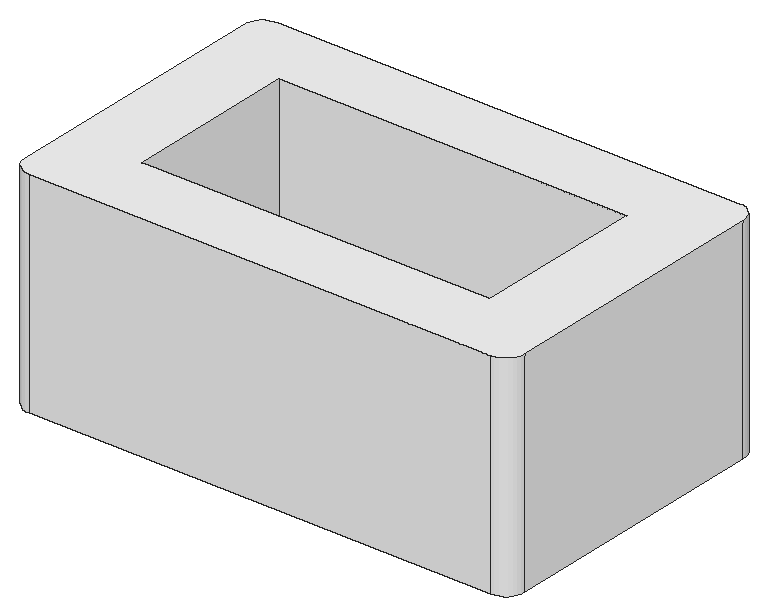
Revit family "Domotics-DomesticRanges-GEWISS-CHORUS_CONTAINER-IP40", category Apparecchi elettrici, host Superficie, Revit 2016
Family settings
  Host = Superficie
  Mantenere orientamento annotazione = Sì
  Tipo di parte = Normale
  Quota connettore circolare = Usa diametro
  Taglio con vuoti quando caricato = Sì
  Condiviso = Sì
  Punto di calcolo locali = Sì
Parameters (values of type "GW16504 - Container 4P IP40 Grey")
  Version file RFA = "18.0"
  URL = "https://www.gewiss.com/ww/en"
  Type of knockout holes = "Removable with tool"
  Torque screws tightening = "0,8NM"
  Thermo-pressure with ball = "70 °C"
  Technical sheet = "https://www.gewiss.com/ww/en/search?q=GW16504"
  Standard; = "EN 60670-1"
  Standard = "EN 60670-1"
  Shock resistance = "IK07"
  SEO = "Container"
  Realized by GEWISS S.p.A. = ""
  Default Elevation = 1219.2 mm
  Profondità = 56.4 mm
  Produttore = "GEWISS S.p.A."
  Outer dim. LxHxD (mm) = "132x82x56"
  No. knockout holes Ã˜23 = "8 on sides / 1 on the bottom"
  N. holes Ã˜ 23 with cable gland = ""
  Montaggio [instance] = ""
  Modello = "GW16504"
  Material = "Technopolymer"
  Lunghezza foro = 92 mm
  Lunghezza = 132 mm
  Lid screws = "Corrosion-resistant steel"
  Insulation class = "II"
  Installation temperature = "-25 +60 °C"
  Immagine tipo = GW16504.jpg
  IP degree = "IP40"
  IDT = "f378d9c2-ff5e-4731-b089-f82dcb29959e"
  IDF = "45f05d24-7371-4ce0-86a3-8a78c14370a4"
  Glow wire test: = "650 °C"
  Glow Wire Test = "650 °C"
  GW16503 - GW16504 = yes
  Electrocod = "0212"
  EAN code = "8011564279315"
  Descrizione = "PROTECTED CONTAINERS, 4-GANG IP40 GREY"
  Description: = "4 gang"
  Colour = "Grey RAL 7035"
  Catalogue Range = "CHORUS - BOXES"
  Catalogue = "DOMOTICS"
  COBie.Tagnumber = ""
  COBie.CreatedOn = ""
  COBie.CreatebBy = ""
  COBie.ComponentRegisterItemID = ""
  COBie.Component.TagNumber = ""
  COBie.Component.Space = ""
  COBie.Component.SerialNumber = ""
  COBie.Component.InstallationDate = ""
  COBie.Component.Description = ""
  COBie.Component.BarCode = ""
  Altezza foro = 45 mm
  Altezza = 82 mm
  Alimentazione [instance] = ""
Types (4, lengths in mm): name | URL | Technical sheet | Produttore | Outer dim. LxHxD (mm) | No. knockout holes Ã˜23 | N. holes Ã˜ 23 with cable gland | Modello | Lunghezza foro | Lunghezza | Immagine tipo | IDT | EAN code | Descrizione | Description:
  (no name) | 0 | "" | "GEWISS" | "" | "" | "" | "GW16502" | 46 | 66 | GW16502.jpg | "" | "" | "CONTENITORI PROTETTI 2P IP40 GRIGIO" | ""
  GW16502 - Container 2P IP40 Grey | "https://www.gewiss.com/ww/en" | "https://www.gewiss.com/ww/en/search?q=GW16502" | "GEWISS S.p.A." | "66x82x56" | "3 on sides / 1 on the bottom" | "1" | "GW16502" | 46 | 66 | GW16502.jpg | "04a44820-34e8-49cc-8f16-5df304630ed2" | "8011564278042" | "PROTECTED CONTAINERS, 2-GANG IP40 GREY" | "2 gang"
  GW16503 - Container 3P IP40 Grey | "https://www.gewiss.com/ww/en" | "https://www.gewiss.com/ww/en/search?q=GW16503" | "GEWISS S.p.A." | "99x82x56" | "3 on sides / 1 on the bottom" | "1" | "GW16503" | 69 | 99 | GW16503.jpg | "ecdefb2e-8e46-46e8-9232-be02bf42c36d" | "8011564278059" | "PROTECTED CONTAINERS, 3-GANG IP40 GREY" | "3 gang"
  GW16504 - Container 4P IP40 Grey | "https://www.gewiss.com/ww/en" | "https://www.gewiss.com/ww/en/search?q=GW16504" | "GEWISS S.p.A." | "132x82x56" | "8 on sides / 1 on the bottom" | "" | "GW16504" | 92 | 132 | GW16504.jpg | "f378d9c2-ff5e-4731-b089-f82dcb29959e" | "8011564279315" | "PROTECTED CONTAINERS, 4-GANG IP40 GREY" | "4 gang"
Values of the unnamed type that differ from the named types
  Version file RFA = ""
  Type of knockout holes = ""
  Torque screws tightening = ""
  Thermo-pressure with ball = ""
  Standard; = ""
  Standard = ""
  Shock resistance = ""
  SEO = ""
  Material = ""
  Lid screws = ""
  Insulation class = ""
  Installation temperature = ""
  IP degree = ""
  IDF = ""
  Glow wire test: = ""
  Glow Wire Test = ""
  Electrocod = ""
  Colour = ""
  Catalogue Range = ""
  Catalogue = ""
Reference planes
  plane 1 "Centro (Fronte/Retro)": y = 0
  plane 2: z = 0
  plane 3 "Centro (Sinistra/Destra)": x = 0
  plane 4: x = -66
  plane 5: x = 66
  plane 6: y = 41
  plane 7: y = -41
  plane 8: y = 22.5
  plane 9: y = -22.5
  plane 10: x = -46
  plane 11: x = 46
  plane 12 "a": z = 56.4
Forms (mm)
  Extrusion 1, solid, material "GW - Bianco"
    sketch origin (0, 0, 0) x (1, 0, 0) y (0, 1, 0)
      loop
        line (-66, 36) -> (-66, -36)
        arc (-66, -36) -> (-64.536, -39.536) -> (-61, -41) r 5
        line (-61, -41) -> (61, -41)
        arc (61, -41) -> (64.536, -39.536) -> (66, -36) r 5
        line (66, -36) -> (66, 36)
        arc (66, 36) -> (64.536, 39.536) -> (61, 41) r 5
        line (61, 41) -> (-61, 41)
        arc (-61, 41) -> (-64.536, 39.536) -> (-66, 36) r 5
      loop
        line (-46, 22.5) -> (-46, -22.5) -> (46, -22.5) -> (46, 22.5) -> (-46, 22.5)
    from 0 to 56.4
Lines and regions (mm)
  model lines, style "InvisibleLines"
    curve 1: line (-46, 0, 56.4) -> (46, 0, 56.4)
Dimensions and locks
  equal spacing: plane 4, plane 3 "Centro (Sinistra/Destra)", plane 5
  equal spacing: plane 6, plane 1 "Centro (Fronte/Retro)", plane 7
  "Lunghezza": plane 4 to plane 5
  "Altezza": plane 6 to plane 7
  equal spacing: plane 8, plane 1 "Centro (Fronte/Retro)", plane 9
  "Altezza foro": plane 8 to plane 9
  equal spacing: plane 10, plane 3 "Centro (Sinistra/Destra)", plane 11
  "Lunghezza foro": plane 10 to plane 11
  "Profondità": plane 12 "a" to host face
  radius of Extrusion 1 sketch curve = 5 mm  (x4)
  aligned and locked: plane 2 to host face
  aligned and locked: level to host face
  aligned and locked: Extrusion 1 sketch curve to plane 4
  aligned and locked: Extrusion 1 sketch curve to plane 6
  aligned and locked: Extrusion 1 sketch curve to plane 5
  aligned and locked: Extrusion 1 sketch curve to plane 7
  aligned and locked: Extrusion 1 sketch curve to plane 10
  aligned and locked: Extrusion 1 sketch curve to plane 8
  aligned and locked: Extrusion 1 sketch curve to plane 11
  aligned and locked: Extrusion 1 sketch curve to plane 9
  aligned and locked: plane 12 "a" to Extrusion 1
  aligned and locked: Extrusion 1 to host face
  aligned and locked: Extrusion 1 to curve 1  (x2)
Automatic sketch dimensions
  host sketch curve to host sketch curve = 2438.4 mm  (x2)
  plane 1 "Centro (Fronte/Retro)" to curve 1 = 0 mm
